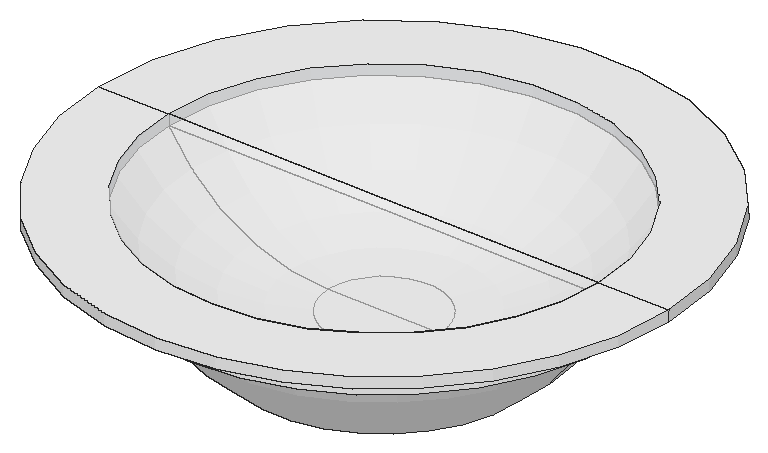
Revit family "0030325 Sylvania Lighting Fixture ST DWNLT 145 IP44 1175LM 840", category Lighting Fixtures, host Face, Revit 2016
Family settings
  Host = Face
  Part Type = Normal
  Round Connector Dimension = Use Diameter
  OmniClass Number = 23.80.70.00
  OmniClass Title = Lighting
  Cut with Voids When Loaded = No
  Light Source = Yes
  Shared = No
  Room Calculation Point = No
Parameters (values of type "0030325 ST DWNLT 145 IP44 1175LM 840")
  Weight = "kg"
  Wattage Comments = ""
  Wattage = 12 W
  WarrantyStartDate [instance] = "n/a"
  WarrantyGuarantorParts = "n/a"
  WarrantyDurationUnit = "n/a"
  WarrantyDurationParts = "n/a"
  WarrantyDescription = "n/a"
  built-in parameter 1150110 = 1 (stored number, unit not read)
  Voltage = 230 V
  URL = "http://www.sylvania-lighting.com"
  TypeName = "ST DWNLT 145 IP44 1175LM 840"
  Type Image = <None>
  Type Comments = "n/a"
  built-in parameter 1114217 = 1 (stored number, unit not read)
  Tilt Angle = -90.00°
  built-in parameter 1150109 = 1 (stored number, unit not read)
  built-in parameter 1150134 = 12
  built-in parameter 1150113 = 1 (stored number, unit not read)
  SerialNumber [instance] = "n/a"
  S_SYL = yes
  RadiusTop_SYL = if(S_SYL, 80 mm, if(M_SYL, 100 mm, if(L_SYL, 120 mm, 120 mm)))  # 80 mm
  Photometric Web File = "0030325.ies"
  Material_3_FEILO = Top-Sylvania-STARTDownlight
  PowerFactor = 0.9
  PowerConsumption = "12 W"
  NominalLength = 165 mm
  NominalHeight = 41 mm
  NominalDepth = 165 mm
  Name = "ST DWNLT 145 IP44 1175LM 840"
  ModelReference = Name  # "ST DWNLT 145 IP44 1175LM 840"
  ModelNumber = "0030325"
  Model = Name  # "ST DWNLT 145 IP44 1175LM 840"
  Material = "aluminium housing, polycarbonate diffuser"
  ManufacturerName = "Feilo Sylvania"
  Manufacturer = "Feilo Sylvania"
  M_SYL = no
  LuminousEfficacy = "98 lm/W"
  built-in parameter 1150105 = 656.07 (stored number, unit not read)
  Lumens = 1176 lm
  LuminaireType = ""
  built-in parameter 1150115 = 1 (stored number, unit not read)
  LightOutputRatio = "100"
  built-in parameter 1150137 = (empty or 0)
  built-in parameter 1150139 = (empty or 0)
  LampsType = Lamp  # "LED"
  LampNominalLuminous = "1175 lm"
  LampMacAdamStep = "5"
  LampColourTemperature = "4000 K"
  LampColourRenderingIndex = "80"
  built-in parameter 1150112 = 1 (stored number, unit not read)
  built-in parameter 1150114 = 1 (stored number, unit not read)
  Lamp = "LED"
  L_SYL = no
  Keynote = "16500"
  InstallationDate [instance] = "n/a"
  InputVoltage = "220-240V~"
  InputNominalFrequency = "50/60 Hz"
  built-in parameter 1150132 = (empty or 0)
  built-in parameter 1150102 = (empty or 0)
  built-in parameter 1150107 = 4000 (stored number, unit not read)
  built-in parameter 1150138 = (empty or 0)
  IngressProtection = "IP20/44"
  ImpactProtectionIndex = "IK07"
  built-in parameter 1150106 = 6.5607 (stored number, unit not read)
  IfcExportType = "IfcLightFixtureType"
  IfcExportAs = "IfcLightFixtureType"
  Height_SYL = if(S_SYL, 41 mm, if(M_SYL, 47 mm, if(L_SYL, 56 mm, 62 mm)))  # 41 mm
  ExpectedLife = 50000
  Emit from Circle Diameter = Diameter_SYL - 40 mm  # 124 mm
  Emit Shape Visible in Rendering = no
  ElectricShockClassification = "Class II"
  built-in parameter 1150104 = 9.1045 (stored number, unit not read)
  DurationUnit = "hours"
  DocumentationLiterature = "http://www.sylvania-lighting.com/product/en-int/products/0030325"
  DimmingControlOptions = "Non dimmable"
  Material_2_FEILO = Diffuser-Sylvania-STARTDownlight
  Dimming Lamp Color Temperature Shift = <None>
  Diameter_SYL = if(S_SYL, 164 mm, if(M_SYL, 193 mm, if(L_SYL, 220 mm, 240 mm)))  # 164 mm
  DiameterTop_SYL = if(S_SYL, 77 mm, if(M_SYL, 81 mm, if(L_SYL, 104 mm, 105 mm)))  # 77 mm
  DiameterRecess_SYL = if(S_SYL, 141 mm, if(M_SYL, 169 mm, if(L_SYL, 198 mm, 216 mm)))  # 141 mm
  Description = ""
  Default Elevation = 1219.2 mm
  CreatedOn = "8/1/2018"
  CreatedBy = "@sylvania-lighting.com"
  Cost = 0
  Color Filter = 16777215
  built-in parameter 1114216 [instance] = (empty or 0)
  ClassificationValue = "EF_70_80"
  ClassificationName = "Uniclass2015"
  Material_1_FEILO = Trim-Sylvania-STARTDownlight-White
  BarCode [instance] = "n/a"
  built-in parameter 1114218 = 1 (stored number, unit not read)
  built-in parameter 1150133 = 10 (stored number, unit not read)
  AssetType = "Fixed"
  AssetIdentifier [instance] = "n/a"
  Assembly Code = "D5020200"
  Apparent Load = 12 VA
  Material_4_FEILO = LED-Sylvania-STARTDownlight
Reference planes
  plane 1 "Center (Front/Back)": y = 0
  plane 2: z = 0
  plane 3 "Center (Left/Right)": x = 0
  plane 4: x = 82
  plane 5: x = -82
  plane 6: z = 3
  plane 7: z = -8
  plane 8: z = -36
  plane 9: z = -38
  plane 10: x = -70.5
  plane 11: x = 70.5
  plane 12: x = -38.5
  plane 13: x = 38.5
  plane 14: x = -62
  plane 15: x = 62
  plane 16: z = -85
  plane 17: x = -62
  plane 18: z = 2
  plane 19: z = -26
  plane 20: x = -16
Forms (mm)
  Revolve 1, solid
    sketch origin (0, 0, 0) x (1, 0, 0) y (0, 0, 1)
      loop
        line (-82, 3) -> (-82, 0) -> (-70.5, 0) -> (-70.5, -8) -> (-62, -8)
        arc (-62, -8) -> (-51.871, -23.36) -> (-38.5, -36) r 80
        line (-38.5, -36) -> (0, -36) -> (0, -26) -> (-16, -26)
        arc (-16, -26) -> (-42.42, -19.05) -> (-62, 0) r 53.692
        line (-62, 0) -> (-62, 3) -> (-82, 3)
      axis (0, 3) -> (0, -36)
    angle from 360 to 0
  Revolve 2, void
    sketch origin (0, 0, 0) x (1, 0, 0) y (0, 0, 1)
      loop
        line (0, 0) -> (-70.5, 0) -> (-70.5, -85) -> (0, -85) -> (0, 0)
      axis (0, 0) -> (0, -85)
    angle from 360 to 0
  Revolve 3, solid, material "Diffuser-Sylvania-STARTDownlight" <- "Material_2_FEILO"
    sketch origin (0, 0, 0) x (1, 0, 0) y (0, 0, 1)
      loop
        line (-62, 3) -> (-62, 0) -> (0, 0) -> (0, 3) -> (-62, 3)
      axis (0, 3) -> (0, 0)
    angle from 360 to 0
Dimensions and locks
  equal spacing: plane 4, plane 3 "Center (Left/Right)", plane 5
  "Diameter_SYL": plane 4 to plane 5
  equal spacing: plane 11, plane 3 "Center (Left/Right)", plane 10
  equal spacing: plane 13, plane 3 "Center (Left/Right)", plane 12
  "DiameterTop_SYL": plane 13 to plane 12
  equal spacing: plane 15, plane 3 "Center (Left/Right)", plane 14
  locked: plane 6 to plane 2 at 3
  "Height_SYL": plane 6 to plane 9
  locked: plane 8 to plane 9 at 2
  locked: plane 2 to plane 7 at 8
  locked: plane 2 to plane 16 at 85
  locked: plane 17 to plane 5 at 20
  locked: plane 6 to plane 18 at 1
  "DiameterRecess_SYL": plane 11 to plane 10
  locked: plane 19 to plane 8 at 10
  locked: plane 3 "Center (Left/Right)" to plane 20 at 16
  locked: plane 14 to plane 5 at 20
  "RadiusTop_SYL": radius of Revolve 1 sketch curve
  aligned and locked: plane 2 to host face
  aligned and locked: level to host face
  aligned and locked: Revolve 1 sketch curve to plane 5
  aligned and locked: Revolve 1 sketch curve to level
  aligned and locked: plane 7 to Revolve 1 sketch curve
  aligned and locked: Revolve 1 sketch curve to plane 10
  aligned and locked: plane 14 to Revolve 1 sketch curve
  aligned and locked: plane 3 "Center (Left/Right)" to Revolve 1 sketch curve
  aligned and locked: Revolve 1 sketch curve to plane 8
  aligned and locked: Revolve 1 sketch curve to plane 3 "Center (Left/Right)"
  aligned and locked: Revolve 2 sketch curve to plane 3 "Center (Left/Right)"
  aligned and locked: plane 3 "Center (Left/Right)" to Revolve 2 sketch curve
  aligned and locked: Revolve 2 sketch curve to plane 10
  aligned and locked: plane 16 to Revolve 2 sketch curve
  aligned and locked: Revolve 1 sketch curve to plane 6
  aligned and locked: plane 19 to Revolve 1 sketch curve
  aligned and locked: plane 20 to Revolve 1 sketch curve
  aligned and locked: Revolve 1 sketch curve to Revolve 1 sketch curve
  aligned and locked: plane 17 to Revolve 1 sketch curve
  aligned and locked: plane 2 to Revolve 1 sketch curve
  aligned and locked: Revolve 3 sketch curve to plane 3 "Center (Left/Right)"  (x2)
  aligned and locked: plane 3 "Center (Left/Right)" to imposter light
  aligned and locked: imposter light to plane 18
  aligned and locked: imposter light to plane 1 "Center (Front/Back)"
  aligned and locked: plane 14 to Revolve 3 sketch curve
Automatic sketch dimensions
  host sketch curve to host sketch curve = 2438.4 mm  (x2)
  plane 16 to Revolve 2 sketch curve = 524.6 mm
  Revolve 2 sketch curve to plane 6 = 2606.058 mm
  Revolve 1 sketch curve to plane 12 = 0 mm
  plane 16 to Revolve 1 sketch curve = 524.6 mm
  Revolve 1 sketch curve to Revolve 1 sketch curve = 2581.366 mm
  Revolve 2 sketch curve to level = 0 mm
  Revolve 3 sketch curve to plane 6 = 0 mm
  Revolve 3 sketch curve to level = 0 mm
  plane 16 to Revolve 3 sketch curve = 524.6 mm
  Revolve 3 sketch curve to Revolve 3 sketch curve = 2606.058 mm
Connectors
  electrical at (0, 0, 0), driven by "Apparent Load", driven by "PowerFactor", driven by "Voltage"
    settings: index 1, voltage 230 V, apparent load 12 VA, apparent load phase1 0 VA, apparent load phase2 0 VA, apparent load phase3 0 VA, power factor 0.9, load classification "Lighting", number of poles 1, system type 30, power factor state 1, is connector primary yes, connector utility no, sub classification motor no, connector description ""
